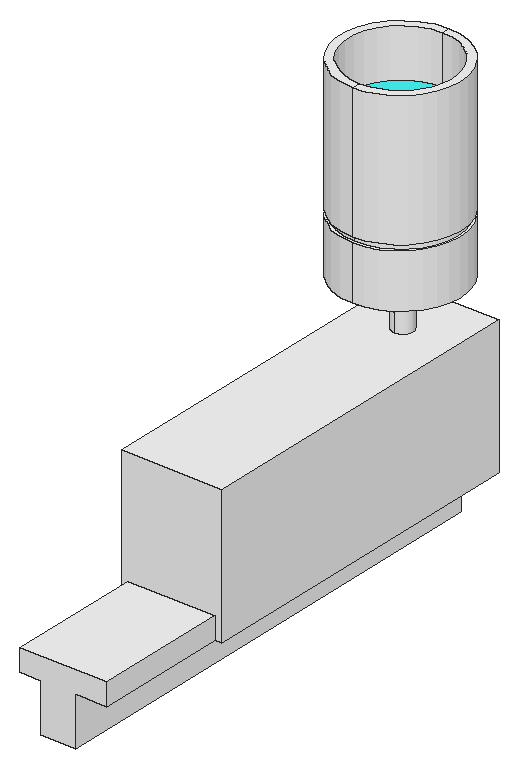
Revit family "Lighting_Ceiling-Mounted_Reggiani_EVO-43mm-Precision", category Modelli generici, host Superficie, Revit 2016
Family settings
  Host = Superficie
  Tipo di parte = Normale
  Può ospitare armatura = No
  Quota connettore circolare = Usa diametro
  Taglio con vuoti quando caricato = No
  Condiviso = No
  Punto di calcolo locali = No
Parameters (values of type "Reggiani EVO  Ø 43mm  Perecision- mod FH82 B- E-H")
  rotation light [instance] = 90.00°
  body = Reggiani Alluminio  white
  Youtube clip = ""
  Weight Net (Kg) = "0.5"
  Uniformat II Description = ""
  Uniformat II Code = ""
  Uniclass 2015 Name = "Lighting tracks"
  Uniclass 2015 Code = "Pr_70_70_48_47"
  Uniclass 2.0 Description = "Lighting Tracks"
  Uniclass 2.0 Code = "PR-70-50-46"
  Uniclass 1.4 Description = "Lighting track"
  Uniclass 1.4 Code = "L747363"
  URL = "http://www.reggiani.net/yori-system/famiglia/yori-evo-box"
  UNSPSC Code = "3911"
  Technical description = "http://www.reggiani.net/wp-content/plugins/icon-catalog/icon-catalog-assets/1/3/gen_file_20/Reggiani_Yori Brochure_Mains Voltage (10).pdf"
  Rotation oriz = 90.00°
  Region South America = "None"
  Region Oceania = "None"
  Region North America = "AG, AI, AW, BB, BL, BM, BQ, BS, BZ, CA, CR, CU, CW, DM, DO, GD, GL, GP, GT, HN, HT, JM, KN, KY, LC, MF, MQ, MS, MX, NI, PA, PM, PR, SV, SX, TC, TT, US, VC, VG, VI"
  Region Middle East = "None"
  Region Europe = "AD, AL, AT, AX, BA, BE, BG, BY, CH, CY, CZ, DE, DK, EE, ES, FI, FO, FR, GB, GG, GI, GR, HR, HU, IE, IM, IS, IT, JE, LI, LT, LU, LV, MC, MD, ME, MK, MT, NL, NO, PL, PT, RO, RS, RU, SE, SI, SJ, SK, SM, UA, VA"
  Region Asia = "None"
  Region Antarctica = "None"
  Region Africa = "None"
  QR code = "http://bimobject.com/reggiani/product/yori_evo_box_43-precision"
  Default Elevation = 1219.2 mm
  Produttore = "Reggiani Spa Illuminazione\r\nViale Monza 16, \r\n20845 Sovico (MB) Italia"
  Product url = "http://www.reggiani.net/yori-system/family/yori-evo-box"
  Product group = "Yori"
  Product family = "Track fixture"
  Product data url = "https://bimobject.com/reggiani/product/yori_evo_box_43-precision"
  Product certification = "http://www.reggiani.net/wp-content/plugins/icon-catalog/icon-catalog-assets/1/3/gen_file_17/CB_Yori%20Evo.pdf"
  Product SKU = "yori_evo_box_43-precision"
  Product Guid = "cf014bb7-0a47-425b-9187-04f9788f6f74"
  OmniClass Description = "Lighting Tracks"
  OmniClass Code = "23-35 47 21 17"
  Nominal width = 43 mm
  Nominal height = 71 mm
  NBS Reference Description = "Lighting Tracks"
  NBS Reference Code = "70-50-46"
  Modello = "Reggiani EVO  Ø 43mm  Perecision- mod FH82 B- E-H"
  Material secondary = ""
  Material main = "Aluminium"
  Masterformat 2014 Description = ""
  Masterformat 2014 Code = ""
  Manufacturer name = "Reggiani"
  Manufacturer country = "Italy"
  Installation instructions = "http://www.reggiani.net/wp-content/plugins/icon-catalog/icon-catalog-assets/1/3/gen_file_8/I.M.%20Yori_Evo_Box.pdf"
  IFC Classification = "Light Fixture"
  GTIN code = ""
  Edition number = 1
  Design country = "Italy"
  Date of publishing = ""
  COBIe Type Category = ""
  Brand url = "http://www.reggiani.net/en/"
  BIMobject main category code = "lighting"
  BIMobject main category = "Lighting"
  BIMobject category code = "lighting-ceiling-mounted"
  BIMobject category = "Ceiling Mounted"
Types (2, lengths in mm): name | rotation light | Rotation oriz | Modello
  Reggiani EVO  Ø 43mm  Perecision- mod FH81 B- E-H | 52.00° | 40.00° | "Reggiani EVO  Ø 43mm  Perecision- mod FH81 B- E-H"
  Reggiani EVO  Ø 43mm  Perecision- mod FH82 B- E-H | 90.00° | 90.00° | "Reggiani EVO  Ø 43mm  Perecision- mod FH82 B- E-H"
Reference planes
  plane 1 "Centro (Fronte/Retro)": y = 0
  plane 2: z = 0.044
  plane 3 "Centro (Sinistra/Destra)": x = -2.919
  plane 4: z = 81.402
Forms (mm)
  Extrusion 1, solid, material "Reggiani Alluminio  white" <- "body"
    sketch origin (0, 0, 0) x (1, 0, 0) y (0, 0, 1)
      loop
        line (-20.487, 49.762) -> (-20.487, 0.044) -> (16.013, 0.044) -> (16.013, 49.762) -> (-20.487, 49.762)
    from -20.106 to 105.586
  Extrusion 2, solid
    sketch origin (-2.919, 0, 0) x (0, 1, 0) y (-1, 0, 0)
      loop
        circle (0, 0) r 3.086
      loop
        circle (0.888, 1.753) r 0.865
    from 49.762 to 50.017
  Extrusion 3, solid, material "Reggiani Alluminio  white" <- "body"
    sketch origin (-2.919, 0, 81.402) x (0.559193, 0, 0.829038) y (-0.829038, 0, 0.559193)
      loop
        line (-69.28, -28.672) -> (-75.82, -33.084) -> (-71.495, -39.496) -> (-86.102, -49.349) -> (-79.069, -59.776) -> (-64.498, -49.948) -> (-58.259, -59.199) -> (-51.682, -54.762) -> (-69.28, -28.672)
    from -20.106 to 154.894
Lines and regions (mm)
  reference lines
    curve 1: line (-2.919, 0, 0) -> (-2.919, 13.672, 0)
Dimensions and locks
  locked: plane 4 to host face at 81.358
  locked: Extrusion 1 to host face at 49.718
  "Rotation oriz": angle plane 1 "Centro (Fronte/Retro)" to curve 1
  aligned and locked: plane 2 to host face
  aligned and locked: level to host face
  aligned and locked: plane 1 "Centro (Fronte/Retro)" to curve 1
  aligned and locked: plane 3 "Centro (Sinistra/Destra)" to curve 1
  aligned and locked: Extrusion 2 to Extrusion 1
Automatic sketch dimensions
  host sketch curve to host sketch curve = 138.228 mm
  host sketch curve to host sketch curve = 109.922 mm
  level to Extrusion 1 sketch curve = 0.044 mm
  Extrusion 1 sketch curve to plane 3 "Centro (Sinistra/Destra)" = 17.567 mm
  plane 3 "Centro (Sinistra/Destra)" to Extrusion 1 sketch curve = 18.933 mm
  plane 4 to Extrusion 1 sketch curve = 31.64 mm
  Extrusion 2 sketch curve to curve 1 = 0 mm  (x2)
  curve 1 to Extrusion 2 sketch curve = 0.888 mm
  curve 1 to Extrusion 2 sketch curve = 1.753 mm
  Extrusion 3 sketch curve to plane 2 = 0 mm  (x2)
  Extrusion 3 sketch curve to level = 0 mm
  Extrusion 3 sketch curve to plane 3 "Centro (Sinistra/Destra)" = 7.236 mm
  Extrusion 3 sketch curve to level = 17.576 mm
  Extrusion 3 sketch curve to Extrusion 3 sketch curve = 7.033 mm
  Extrusion 3 sketch curve to Extrusion 3 sketch curve = 4.325 mm
  Extrusion 3 sketch curve to Extrusion 3 sketch curve = 6.541 mm
  Extrusion 3 sketch curve to Extrusion 3 sketch curve = 6.24 mm
  radius of Extrusion 2 sketch curve = 3.086 mm
  radius of Extrusion 2 sketch curve = 0.865 mm
Nested families
  nested 1: "Yori evo- frame 1" at (-2.6, 2.6, 50.017) x (0, 1, 0) z (0, 0, 1), rotation light <- "rotation light", type "Yori evo- frame 1"
    with rotation light 90.00°
  nested 2: "Famiglia1" at (-2.6, -1.943, 120.242) x (-1, 0, 0) z (0, 0, 1), type "Famiglia1"
Connectors
  electrical at (-3.866, -67.394, -17.576)
    settings: on Extrusion 3, index 1, voltage 0 V, apparent load 0 VA, apparent load phase1 0 VA, apparent load phase2 0 VA, apparent load phase3 0 VA, power factor 1, load classification "Altro", number of poles 1, system type 31, power factor state 1, is connector primary yes, connector utility no, sub classification motor no, connector description ""
Definition of nested family "Yori evo- frame 1"
  Parameters (values of type "Yori evo- frame 1")
    rotation light [instance] = 90.00°
    Default Elevation = 1219.2 mm
    Lens = none
    Body = none
  Reference planes
    plane 1 "Centro (Fronte/Retro)": y = 0
    plane 2: z = -1.258
    plane 3 "Centro (Sinistra/Destra)": x = -2.919
    plane 4: z = 31.38
  Forms (mm)
    Extrusion 1, solid
      sketch origin (-3.719, 0, 21.38) x (1, 0, 0) y (0, 1, 0)
        loop
          line (-1219.2, 1219.2) -> (-1219.2, -1219.2) -> (1219.2, -1219.2) -> (1219.2, 1219.2) -> (-1219.2, 1219.2)
      from -22.638 to -304.8
    Revolve 2, solid, material <- "Body"
      sketch origin (-3.758, 0, 39.159) x (0, 0, 1) y (-1, 0, 0)
        loop
          line (48.651, 21.836) -> (0.151, 21.836) -> (0.151, 20.802) -> (-1.848, 20.802) -> (-1.848, 21.836) -> (-21.571, 21.836) -> (-21.571, 0.785) -> (-18.848, 0.785) -> (-18.848, 18.836) -> (48.651, 18.836) -> (48.651, 21.836)
        axis (48.651, 0) -> (-21.571, 0)
      angle from 0 to 360
    Extrusion 3, solid, material <- "Body"
      sketch origin (0, 0, 21.38) x (1, 0, 0) y (0, 1, 0)
        loop
          circle (-2.919, 0) r 3.676
      from 15.93 to -22.638
    Revolve 4, solid, material <- "Lens"
      sketch origin (-3.739, 0, 31.38) x (0, 0, 1) y (-1, 0, 0)
        loop
          line (38.844, 18.836) -> (37.204, 18.836) -> (37.204, 1.103) -> (38.844, 1.103) -> (38.844, 18.836)
        axis (38.844, 0) -> (37.204, 0)
      angle from 0 to 360
  Lines and regions (mm)
    reference lines
      curve 1: line (-2.919, 0, 31.38) -> (-2.919, 0, 96.255)
  Dimensions and locks
    "rotation light": angle plane 4 to curve 1
    aligned and locked: plane 2 to Extrusion 1
    aligned and locked: plane 3 "Centro (Sinistra/Destra)" to curve 1
    aligned and locked: plane 4 to curve 1
  Automatic sketch dimensions
    Extrusion 1 sketch curve to Extrusion 1 sketch curve = 2438.4 mm  (x2)
    plane 1 "Centro (Fronte/Retro)" to Extrusion 3 sketch curve = 0 mm
    plane 3 "Centro (Sinistra/Destra)" to Extrusion 3 sketch curve = 0 mm
    Revolve 4 sketch curve to curve 1 = 0.82 mm
    Revolve 4 sketch curve to curve 1 = 27.671 mm
    Revolve 4 sketch curve to Revolve 4 sketch curve = 1.64 mm
    Revolve 4 sketch curve to curve 1 = 1.923 mm
    curve 1 to Revolve 4 sketch curve = 19.656 mm
    Revolve 4 sketch curve to Revolve 4 sketch curve = 20.399 mm
    Revolve 4 sketch curve to Revolve 4 sketch curve = 21.129 mm
    Revolve 2 sketch curve to curve 1 = 1.624 mm
    Revolve 2 sketch curve to curve 1 = 13.792 mm
    Revolve 2 sketch curve to Revolve 2 sketch curve = 2.722 mm
    curve 1 to Revolve 2 sketch curve = 5.93 mm
    Revolve 2 sketch curve to Revolve 2 sketch curve = 2 mm
    Revolve 2 sketch curve to curve 1 = 8.445 mm
    curve 1 to Revolve 2 sketch curve = 19.675 mm
    curve 1 to Revolve 2 sketch curve = 21.641 mm
    Revolve 2 sketch curve to Revolve 2 sketch curve = 3 mm
    Revolve 2 sketch curve to curve 1 = 0.839 mm
    curve 1 to Revolve 2 sketch curve = 8.831 mm
    Revolve 2 sketch curve to Revolve 2 sketch curve = 9.099 mm
    Revolve 2 sketch curve to Revolve 2 sketch curve = 1.034 mm
    radius of Extrusion 3 sketch curve = 3.676 mm
Definition of nested family "Famiglia1"
  Parameters (values of type "Famiglia1")
    Wattage = 9.2903 W
    Dimming Lamp Color Temperature Shift = (empty or 0)
    built-in parameter 1150107 = 3200 (stored number, unit not read)
    Default Elevation = 1219.2 mm
    built-in parameter 1150110 = 1 (stored number, unit not read)
    built-in parameter 1150109 = 1 (stored number, unit not read)
    built-in parameter 1114218 = 1 (stored number, unit not read)
    built-in parameter 1150112 = 1 (stored number, unit not read)
    built-in parameter 1150137 = (empty or 0)
    built-in parameter 1150132 = (empty or 0)
    built-in parameter 1150105 = 109.82 (stored number, unit not read)
    built-in parameter 1150102 = (empty or 0)
    built-in parameter 1150106 = 1.0982 (stored number, unit not read)
    Lumens = 1380 lm
    Color Filter = 16777215
    Photometric Web File = "BG03B_NN_12,5W_9D.ies"
    built-in parameter 1114217 = 1 (stored number, unit not read)
    built-in parameter 1150139 = (empty or 0)
    built-in parameter 1150104 = 13.8 (stored number, unit not read)
    built-in parameter 1150115 = 1 (stored number, unit not read)
    built-in parameter 1150114 = 1 (stored number, unit not read)
    built-in parameter 1150113 = 1 (stored number, unit not read)
    built-in parameter 1150134 = 3
    built-in parameter 1150138 = (empty or 0)
    Tilt Angle = 90.00°
    built-in parameter 1150133 = 10 (stored number, unit not read)
  Reference planes
    plane 1 "Centro (Fronte/Retro)": y = 0
    plane 2: z = 0
    plane 3 "Centro (Sinistra/Destra)": x = 0
  Forms (mm)
    Extrusion 1, solid
      sketch origin (0, 0, 0) x (1, 0, 0) y (0, 1, 0)
        loop
          line (-1219.2, 1219.2) -> (-1219.2, -1219.2) -> (1219.2, -1219.2) -> (1219.2, 1219.2) -> (-1219.2, 1219.2)
      from 0 to -304.8
  Dimensions and locks
    aligned and locked: plane 2 to Extrusion 1
    aligned and locked: level to Extrusion 1
